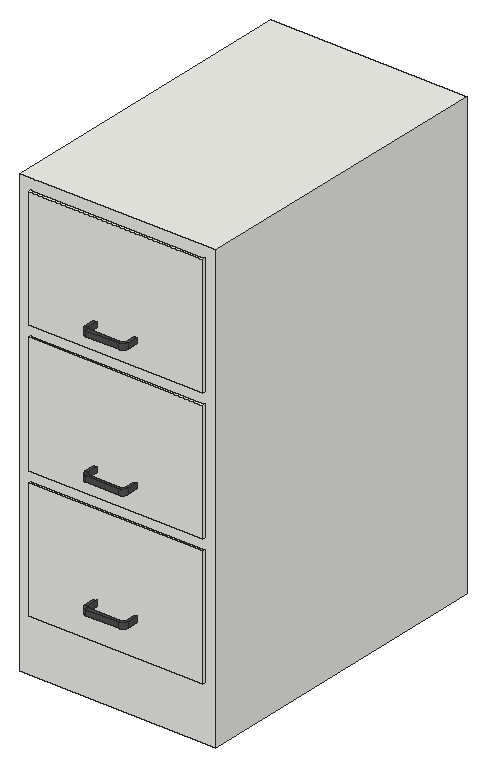
Revit family
Parameters (values of type "0457 x 0734mm")
  캐비닛 재료 = 금속 - 페인트 마감 - 아이보리색, 광택
  깊이 = 734.00 mm
  핸들 재료 = 금속 - 크롬
  높이 = 1042.00 mm
  폭 = 457.00 mm
Types (7, lengths in mm): name | 깊이 | 높이 | 폭
  (no name) | 734.00 | 1042.00 | 457.00
  0380 x 0457mm | 457.00 | 1042.00 | 380.00
  0380 x 0635mm | 635.00 | 1042.00 | 380.00
  0380 x 0734mm | 734.00 | 1042.00 | 380.00
  0457 x 0734mm | 734.00 | 1042.00 | 457.00
  0762 x 0380mm Lat. | 380.00 | 1016.00 | 762.00
  0762 x 0457mm Lat. | 457.00 | 1016.00 | 762.00
Reference planes
  plane 1 "중심(앞/뒤)": y = -142.134
  plane 2: z = 0
  plane 3 "중심(왼쪽/오른쪽)": x = -127.896
  plane 4: x = 100.604
  plane 5: x = -356.396
  plane 6: y = 224.866
  plane 7: y = -509.134
  plane 8: z = 1042
  plane 9: y = -515.484
Forms (mm)
  Extrusion 1, solid, material "금속 - 페인트 마감 - 아이보리색, 광택" <- "캐비닛 재료"
    sketch origin (0, 224.866, 0) x (1, 0, 0) y (0, 0, 1)
      loop
        line (-330.996, 1016.6) -> (-330.996, 736.6) -> (75.204, 736.6) -> (75.204, 1016.6) -> (-330.996, 1016.6)
      loop
        line (-330.996, 711.2) -> (-330.996, 431.8) -> (75.204, 431.8) -> (75.204, 711.2) -> (-330.996, 711.2)
      loop
        line (-330.996, 406.4) -> (-330.996, 127) -> (75.204, 127) -> (75.204, 406.4) -> (-330.996, 406.4)
    from 734 to 740.35
  Extrusion 2, solid, material "금속 - 페인트 마감 - 아이보리색, 광택" <- "캐비닛 재료"
    sketch origin (0, 0, 0) x (1, 0, 0) y (0, 1, 0)
      loop
        line (-356.396, 224.866) -> (-356.396, -509.134) -> (100.604, -509.134) -> (100.604, 224.866) -> (-356.396, 224.866)
    from 0 to 1042
  Sweep 3, solid, material "금속 - 크롬"
    path origin (0, 0, 0) x (1, 0, 0) y (0, 1, 0)
      loop
        line (-178.696, -515.484) -> (-178.696, -540.884)
        arc (-178.696, -540.884) -> (-174.977, -549.865) -> (-165.996, -553.584) r 12.7
        line (-165.996, -553.584) -> (-89.796, -553.584)
        arc (-89.796, -553.584) -> (-80.816, -549.865) -> (-77.096, -540.884) r 12.7
        line (-77.096, -540.884) -> (-77.096, -515.484)
    profile origin (0, -528.184, 0) x (1, 0, 0) y (0, 0, 1)
      loop
        line (-178.696, 203.2) -> (-172.346, 203.2) -> (-172.346, 215.9) -> (-178.696, 215.9) -> (-178.696, 203.2)
      loop
        line (-178.696, 482.6) -> (-172.346, 482.6) -> (-172.346, 495.3) -> (-178.696, 495.3) -> (-178.696, 482.6)
      loop
        line (-178.696, 787.4) -> (-172.346, 787.4) -> (-172.346, 800.1) -> (-178.696, 800.1) -> (-178.696, 787.4)
Lines and regions (mm)
  Masking region 1
    outline origin (0, 0, 0) x (1, 0, 0) y (0, 1, 0)
      loop
        line (-356.396, 224.866) -> (-356.396, -509.134) -> (100.604, -509.134) -> (100.604, 224.866) -> (-356.396, 224.866)
  symbolic lines
    curve 1: line (-89.796, -547.234, 0) -> (-165.996, -547.234, 0)
    curve 2: line (-172.346, -540.884, 0) -> (-172.346, -509.134, 0)
    curve 3: line (-83.446, -509.134, 0) -> (-83.446, -540.884, 0)
    curve 4: arc (-89.796, -547.234, 0) -> (-85.306, -545.374, 0) -> (-83.446, -540.884, 0) r 6.35
    curve 5: arc (-172.346, -540.884, 0) -> (-170.487, -545.374, 0) -> (-165.996, -547.234, 0) r 6.35
Dimensions and locks
  equal spacing: plane 5, plane 3 "중심(왼쪽/오른쪽)", plane 4
  equal spacing: plane 7, plane 1 "중심(앞/뒤)", plane 6
  "폭": plane 5 to plane 4
  "깊이": plane 7 to plane 6
  "높이": plane 8 to plane 2
  plane 7 to plane 9 = 6.35 mm
  aligned and locked: Extrusion 1 to plane 7
  aligned and locked: Extrusion 1 to plane 9
  aligned and locked: Extrusion 2 to plane 8
  aligned and locked: Extrusion 2 to level
  aligned and locked: plane 6 to Masking region 1 sketch curve
  aligned and locked: Masking region 1 sketch curve to plane 7
  aligned and locked: plane 4 to Masking region 1 sketch curve
  aligned and locked: Masking region 1 sketch curve to plane 5
  aligned and locked: curve 1 to Sweep 3
  aligned and locked: curve 2 to Sweep 3
  aligned and locked: curve 3 to Sweep 3
  aligned and locked: plane 7 to curve 2
  aligned and locked: plane 7 to curve 3
Automatic sketch dimensions
  Extrusion 1 sketch curve to plane 5 = 25.40 mm  (x2)
  Extrusion 1 sketch curve to Extrusion 1 sketch curve = 0.00 mm  (x2)
  plane 4 to Extrusion 1 sketch curve = 25.40 mm  (x2)
  level to Extrusion 1 sketch curve = 127.00 mm
  plane 8 to Extrusion 1 sketch curve = 25.40 mm
  Extrusion 1 sketch curve to Extrusion 1 sketch curve = 279.40 mm  (x2)
  Extrusion 1 sketch curve to Extrusion 1 sketch curve = 25.40 mm  (x2)
  Sweep 3 sketch curve to plane 9 = 0.00 mm  (x2)
  Sweep 3 sketch curve to plane 9 = 25.40 mm
  Sweep 3 sketch curve to plane 3 "중심(왼쪽/오른쪽)" = 50.80 mm
  Sweep 3 sketch curve to Sweep 3 sketch curve = 12.70 mm  (x4)
  plane 3 "중심(왼쪽/오른쪽)" to Sweep 3 sketch curve = 38.10 mm
  plane 7 to Sweep 3 sketch curve = 31.75 mm
  Sweep 3 sketch curve to profile plane = 0.00 mm  (x3)
  Sweep 3 sketch curve to profile plane = 6.35 mm  (x3)
  level to Sweep 3 sketch curve = 203.20 mm
  Sweep 3 sketch curve to Sweep 3 sketch curve = 266.70 mm
  Sweep 3 sketch curve to Sweep 3 sketch curve = 292.10 mm
  Extrusion 2 sketch curve to plane 5 = 0.00 mm
  Extrusion 2 sketch curve to plane 4 = 0.00 mm
  Extrusion 2 sketch curve to plane 7 = 0.00 mm
  Extrusion 2 sketch curve to plane 6 = 0.00 mm
  curve 5 to curve 1 = 6.35 mm
  curve 4 to curve 3 = 6.35 mm
